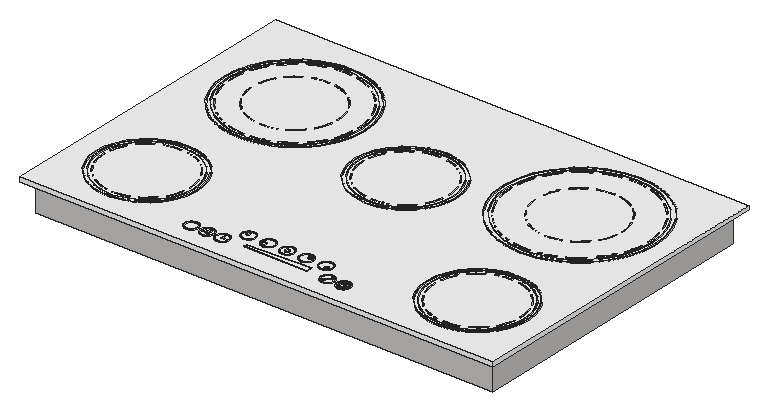
Revit family "QF_Summit_CR5B30T8W_5-Burner Radiant Cooktop", category Specialty Equipment, Revit 2020
Family settings
  Round Connector Dimension = Use Diameter
  Part Type = Normal
  Work Plane-Based = No
  Always vertical = Yes
  Cut with Voids When Loaded = No
  Shared = No
  Room Calculation Point = No
Parameters
  Weight in Pounds = 28
  Watts = Volts * FL Amps  # 7200 W
  Volts = 240 V
  URL Cutsheet = ""
  Specification by User = ""
  Specification by Manufacturer = ""
  Serial Number = ""
  Seismic Rating = ""
  SMACNA No = ""
  Revision Code = ""
  Phase = 1
  Number of Poles = 1
  NAFEM Spec ID Number = ""
  Model = "CR5B30T8W"
  Min Ckt Ampacity = 0 A
  Max Overcurrent Protection = 0 A
  Masterspec = ""
  Manufacturer = "Summit"
  Length = 30 1/4"
  Item Number = ""
  Installed By = ""
  Identify Quantity as Lot = yes
  Height = 2.13"
  HP = ""
  Furnished By = ""
  Foodservice Equipment Identifier = yes
  FL Amps = 30 A
  Electrical Remarks = ""
  Electric Connection Type = ""
  Elec Conn RI Height = 0"
  Elec Conn Connection Height = 0"
  Description = "5-Burner Radiant Cooktop"
  Depth = 20 1/2"
  Default Elevation = 0"
  Cycle = 60 Hz
  Conn Plug = ""
  Conn Conduit = yes
  CSI MasterFormat = ""
  Apparent Power = if(Phase = 3, Volts * FL Amps * 1.73, Volts * FL Amps)  # 7200 VA
Reference planes (in)
  plane 1 "BACK": y = 0
  plane 2: z = 0
  plane 3 "LEFT": x = 0
  plane 4 "RIGHT": x = 30.25
  plane 5 "FRONT": y = -20.5
  plane 6 "TOP": z = 2.13
  plane 7 "Center Y": x = 15.125
  plane 8 "Center X": y = -10.25
  plane 9: y = -19.875
  plane 10: y = -0.625
  plane 11: x = 0.5
  plane 12: x = 29.75
  plane 13: z = 1.88
  plane 14: z = -1
Forms (in)
  Extrusion 1, solid, material "QF_Plastic_White_Smooth"
    sketch origin (-1.19104, -180, 1.88) x (-1, 0, 0) y (0, -1, 0)
      loop
        line (-1.19104, -180) -> (-1.19104, -159.5) -> (-31.44104, -159.5) -> (-31.44104, -180) -> (-1.19104, -180)
      loop
        circle (-16.31604, -171.46642) r 3.25
      loop
        circle (-16.31604, -171.46642) r 3.1875
      loop
        circle (-16.31604, -171.46642) r 3.01918
      loop
        circle (-16.31604, -171.46642) r 2.98793
      loop
        arc (-13.92383, -172.87489) -> (-13.70916, -172.42069) -> (-13.57986, -171.93525) r 2.77605
        line (-13.57986, -171.93525) -> (-13.61066, -171.92997)
        arc (-13.61066, -171.92997) -> (-13.7385, -172.40995) -> (-13.95076, -172.85904) r 2.7448
        line (-13.95076, -172.85904) -> (-13.92383, -172.87489)
      loop
        line (-14.18017, -173.2397) -> (-14.20421, -173.21974)
        arc (-14.20421, -173.21974) -> (-14.5404, -173.55952) -> (-14.93044, -173.83582) r 2.7448
        line (-14.93044, -173.83582) -> (-14.91466, -173.86279)
        arc (-14.91466, -173.86279) -> (-14.52019, -173.58335) -> (-14.18017, -173.2397) r 2.77605
      loop
        line (-15.3571, -174.07159) -> (-15.36789, -174.04226)
        arc (-15.36789, -174.04226) -> (-15.84924, -174.17124) -> (-16.34598, -174.21106) r 2.7448
        line (-16.34598, -174.21106) -> (-16.34598, -174.24231)
        arc (-16.34598, -174.24231) -> (-15.84376, -174.202) -> (-15.3571, -174.07159) r 2.77605
      loop
        line (-16.81684, -174.19692) -> (-16.8112, -174.16619)
        arc (-16.8112, -174.16619) -> (-17.27375, -174.03872) -> (-17.70704, -173.83265) r 2.7448
        line (-17.70704, -173.83265) -> (-17.72288, -173.85959)
        arc (-17.72288, -173.85959) -> (-17.28466, -174.068) -> (-16.81684, -174.19692) r 2.77605
      loop
        arc (-18.06476, -173.58205) -> (-18.42277, -173.22586) -> (-18.70946, -172.8101) r 2.7448
        line (-18.70946, -172.8101) -> (-18.7367, -172.8254)
        arc (-18.7367, -172.8254) -> (-18.4477, -173.24475) -> (-18.08696, -173.60425) r 2.77605
        line (-18.08696, -173.60425) -> (-18.06476, -173.58205)
      loop
        arc (-18.90212, -172.38625) -> (-19.02257, -171.92317) -> (-19.06077, -171.4462) r 2.7448
        line (-19.06077, -171.4462) -> (-19.09202, -171.4462)
        arc (-19.09202, -171.4462) -> (-19.05336, -171.92848) -> (-18.93157, -172.39673) r 2.77605
        line (-18.93157, -172.39673) -> (-18.90212, -172.38625)
      loop
        arc (-19.02107, -171.00085) -> (-18.89451, -170.52544) -> (-18.68511, -170.08027) r 2.7448
        line (-18.68511, -170.08027) -> (-18.71209, -170.06449)
        arc (-18.71209, -170.06449) -> (-18.92386, -170.51473) -> (-19.05186, -170.99555) r 2.77605
        line (-19.05186, -170.99555) -> (-19.02107, -171.00085)
      loop
        arc (-18.4219, -169.70594) -> (-18.08419, -169.367) -> (-17.69276, -169.09185) r 2.7448
        line (-17.69276, -169.09185) -> (-17.70843, -169.06481)
        arc (-17.70843, -169.06481) -> (-18.10326, -169.3422) -> (-18.44408, -169.68376) r 2.77605
        line (-18.44408, -169.68376) -> (-18.4219, -169.70594)
      loop
        arc (-17.27056, -168.89293) -> (-16.8062, -168.76574) -> (-16.32675, -168.72164) r 2.7448
        line (-16.32675, -168.72164) -> (-16.32675, -168.69039)
        arc (-16.32675, -168.69039) -> (-16.81172, -168.73498) -> (-17.28143, -168.86363) r 2.77605
        line (-17.28143, -168.86363) -> (-17.27056, -168.89293)
      loop
        arc (-15.89724, -168.75375) -> (-15.38644, -168.88382) -> (-14.90992, -169.10913) r 2.7448
        line (-14.90992, -169.10913) -> (-14.89392, -169.0823)
        arc (-14.89392, -169.0823) -> (-15.37586, -168.85442) -> (-15.89247, -168.72287) r 2.77605
        line (-15.89247, -168.72287) -> (-15.89724, -168.75375)
      loop
        arc (-14.57297, -169.34612) -> (-14.21077, -169.70523) -> (-13.92126, -170.12516) r 2.7448
        line (-13.92126, -170.12516) -> (-13.89399, -170.10989)
        arc (-13.89399, -170.10989) -> (-14.18582, -169.68635) -> (-14.55077, -169.32392) r 2.77605
        line (-14.55077, -169.32392) -> (-14.57297, -169.34612)
      loop
        arc (-13.73845, -170.52304) -> (-13.61031, -171.00493) -> (-13.57147, -171.50206) r 2.7448
        line (-13.57147, -171.50206) -> (-13.54021, -171.50206)
        arc (-13.54021, -171.50206) -> (-13.57954, -170.99948) -> (-13.7091, -170.5123) r 2.77605
        line (-13.7091, -170.5123) -> (-13.73845, -170.52304)
      loop
        circle (-25.45747, -173.96615) r 4.875
      loop
        circle (-25.45747, -173.96615) r 4.8125
      loop
        circle (-25.45747, -173.96615) r 4.60317
      loop
        circle (-25.45747, -173.96615) r 4.57192
      loop
        arc (-28.81688, -171.11218) -> (-29.14171, -171.54598) -> (-29.41085, -172.01637) r 4.40804
        line (-29.41085, -172.01637) -> (-29.38282, -172.03019)
        arc (-29.38282, -172.03019) -> (-29.11629, -171.5642) -> (-28.79471, -171.13435) r 4.37679
        line (-28.79471, -171.13435) -> (-28.81688, -171.11218)
      loop
        arc (-27.6523, -170.14339) -> (-28.09195, -170.43198) -> (-28.49409, -170.77088) r 4.40804
        line (-28.49409, -170.77088) -> (-28.47199, -170.79298)
        arc (-28.47199, -170.79298) -> (-28.07295, -170.4568) -> (-27.63674, -170.17049) r 4.37679
        line (-27.63674, -170.17049) -> (-27.6523, -170.14339)
      loop
        line (-29.56464, -172.45371) -> (-29.59396, -172.44291)
        arc (-29.59396, -172.44291) -> (-29.74482, -172.94171) -> (-29.83576, -173.45482) r 4.40804
        line (-29.83576, -173.45482) -> (-29.80472, -173.45844)
        arc (-29.80472, -173.45844) -> (-29.71442, -172.94897) -> (-29.56464, -172.45371) r 4.37679
      loop
        line (-29.83424, -173.95077) -> (-29.86549, -173.95077)
        arc (-29.86549, -173.95077) -> (-29.83691, -174.46751) -> (-29.74796, -174.97735) r 4.40804
        line (-29.74796, -174.97735) -> (-29.71755, -174.97018)
        arc (-29.71755, -174.97018) -> (-29.80587, -174.46391) -> (-29.83424, -173.95077) r 4.37679
      loop
        line (-29.57863, -175.44005) -> (-29.60806, -175.45057)
        arc (-29.60806, -175.45057) -> (-29.39582, -175.94611) -> (-29.12469, -176.41203) r 4.40804
        line (-29.12469, -176.41203) -> (-29.09869, -176.39469)
        arc (-29.09869, -176.39469) -> (-29.3679, -175.93207) -> (-29.57863, -175.44005) r 4.37679
      loop
        line (-28.82706, -176.75939) -> (-28.85112, -176.77933)
        arc (-28.85112, -176.77933) -> (-28.47062, -177.18357) -> (-28.04233, -177.53678) r 4.40804
        line (-28.04233, -177.53678) -> (-28.01995, -177.5144)
        arc (-28.01995, -177.5144) -> (-28.44743, -177.16247) -> (-28.82706, -176.75939) r 4.37679
      loop
        line (-27.68418, -177.73419) -> (-27.70007, -177.76109)
        arc (-27.70007, -177.76109) -> (-27.21354, -178.0093) -> (-26.70004, -178.19544) r 4.40804
        line (-26.70004, -178.19544) -> (-26.69123, -178.16545)
        arc (-26.69123, -178.16545) -> (-27.20109, -177.98064) -> (-27.68418, -177.73419) r 4.37679
      loop
        line (-26.23933, -178.27254) -> (-26.24491, -178.30329)
        arc (-26.24491, -178.30329) -> (-25.71663, -178.36657) -> (-25.18458, -178.36574) r 4.40804
        line (-25.18458, -178.36574) -> (-25.18651, -178.33455)
        arc (-25.18651, -178.33455) -> (-25.71479, -178.33537) -> (-26.23933, -178.27254) r 4.37679
      loop
        line (-24.72271, -178.28083) -> (-24.71747, -178.31163)
        arc (-24.71747, -178.31163) -> (-24.19641, -178.18996) -> (-23.69394, -178.00605) r 4.40804
        line (-23.69394, -178.00605) -> (-23.70644, -177.97741)
        arc (-23.70644, -177.97741) -> (-24.20535, -178.16002) -> (-24.72271, -178.28083) r 4.37679
      loop
        line (-23.27181, -177.75814) -> (-23.25621, -177.78522)
        arc (-23.25621, -177.78522) -> (-22.82038, -177.49837) -> (-22.4215, -177.16204) r 4.40804
        line (-22.4215, -177.16204) -> (-22.4436, -177.13993)
        arc (-22.4436, -177.13993) -> (-22.8394, -177.47357) -> (-23.27181, -177.75814) r 4.37679
      loop
        line (-22.11511, -176.7919) -> (-22.09124, -176.81208)
        arc (-22.09124, -176.81208) -> (-21.77219, -176.38473) -> (-21.50708, -175.92198) r 4.40804
        line (-21.50708, -175.92198) -> (-21.53509, -175.90811)
        arc (-21.53509, -175.90811) -> (-21.79832, -176.36758) -> (-22.11511, -176.7919) r 4.37679
      loop
        line (-21.35948, -175.50329) -> (-21.33022, -175.51426)
        arc (-21.33022, -175.51426) -> (-21.17133, -174.9956) -> (-21.07734, -174.46136) r 4.40804
        line (-21.07734, -174.46136) -> (-21.10839, -174.45785)
        arc (-21.10839, -174.45785) -> (-21.20171, -174.98831) -> (-21.35948, -175.50329) r 4.37679
      loop
        line (-21.08078, -173.9948) -> (-21.04953, -173.9948)
        arc (-21.04953, -173.9948) -> (-21.08018, -173.44643) -> (-21.17878, -172.90614) r 4.40804
        line (-21.17878, -172.90614) -> (-21.20912, -172.91365)
        arc (-21.20912, -172.91365) -> (-21.1112, -173.45022) -> (-21.08078, -173.9948) r 4.37679
      loop
        line (-21.34009, -172.48176) -> (-21.31069, -172.47116)
        arc (-21.31069, -172.47116) -> (-21.5263, -171.97198) -> (-21.80173, -171.50315) r 4.40804
        line (-21.80173, -171.50315) -> (-21.82765, -171.52061)
        arc (-21.82765, -171.52061) -> (-21.55417, -171.98612) -> (-21.34009, -172.48176) r 4.37679
      loop
        line (-22.11024, -171.14617) -> (-22.08806, -171.12399)
        arc (-22.08806, -171.12399) -> (-22.46275, -170.73158) -> (-22.88281, -170.38817) r 4.40804
        line (-22.88281, -170.38817) -> (-22.90106, -170.41354)
        arc (-22.90106, -170.41354) -> (-22.48301, -170.75541) -> (-22.11024, -171.14617) r 4.37679
      loop
        arc (-23.27395, -170.13691) -> (-23.74908, -169.90263) -> (-24.24888, -169.72703) r 4.40804
        line (-24.24888, -169.72703) -> (-24.25745, -169.75709)
        arc (-24.25745, -169.75709) -> (-23.76119, -169.93144) -> (-23.28943, -170.16406) r 4.37679
        line (-23.28943, -170.16406) -> (-23.27395, -170.13691)
      loop
        arc (-24.69134, -169.6252) -> (-25.23215, -169.56387) -> (-25.77639, -169.56966) r 4.40804
        line (-25.77639, -169.56966) -> (-25.77639, -169.601)
        arc (-25.77639, -169.601) -> (-25.23488, -169.59503) -> (-24.69677, -169.65597) r 4.37679
        line (-24.69677, -169.65597) -> (-24.69134, -169.6252)
      loop
        arc (-26.22423, -169.62531) -> (-26.74106, -169.74914) -> (-27.23923, -169.93426) r 4.40804
        line (-27.23923, -169.93426) -> (-27.2266, -169.96284)
        arc (-27.2266, -169.96284) -> (-26.73196, -169.77903) -> (-26.2188, -169.65608) r 4.37679
        line (-26.2188, -169.65608) -> (-26.22423, -169.62531)
      loop
        circle (-12.95771, -160.98371) r 0.42869
      loop
        circle (-12.95771, -160.98371) r 0.39744
      loop
        line (-12.90642, -160.93163) -> (-13.28511, -160.9984) -> (-12.97595, -161.02545) -> (-12.94014, -161.31706) -> (-12.90642, -160.93163)
      loop
        arc (-24.09184, -176.35311) -> (-23.68495, -176.06869) -> (-23.33583, -175.71576) r 2.75
        line (-23.33583, -175.71576) -> (-23.35993, -175.69587)
        arc (-23.35993, -175.69587) -> (-23.70509, -176.0448) -> (-24.10736, -176.32598) r 2.71875
        line (-24.10736, -176.32598) -> (-24.09184, -176.35311)
      loop
        arc (-23.08872, -175.36311) -> (-22.88069, -174.92672) -> (-22.7523, -174.46065) r 2.75
        line (-22.7523, -174.46065) -> (-22.78304, -174.45503)
        arc (-22.78304, -174.45503) -> (-22.90997, -174.91581) -> (-23.11564, -175.34724) r 2.71875
        line (-23.11564, -175.34724) -> (-23.08872, -175.36311)
      loop
        line (-24.49628, -176.5427) -> (-24.5072, -176.51342)
        arc (-24.5072, -176.51342) -> (-25.00577, -176.64712) -> (-25.52061, -176.68417) r 2.71875
        line (-25.52061, -176.68417) -> (-25.52061, -176.71543)
        arc (-25.52061, -176.71543) -> (-25.00022, -176.67787) -> (-24.49628, -176.5427) r 2.75
      loop
        line (-25.90779, -176.67903) -> (-25.90267, -176.6482)
        arc (-25.90267, -176.6482) -> (-26.38524, -176.5217) -> (-26.83658, -176.30916) r 2.71875
        line (-26.83658, -176.30916) -> (-26.85243, -176.33609)
        arc (-26.85243, -176.33609) -> (-26.39591, -176.55108) -> (-25.90779, -176.67903) r 2.75
      loop
        line (-27.18309, -176.10736) -> (-27.16348, -176.08302)
        arc (-27.16348, -176.08302) -> (-27.53449, -175.72046) -> (-27.82988, -175.29404) r 2.71875
        line (-27.82988, -175.29404) -> (-27.85715, -175.3093)
        arc (-27.85715, -175.3093) -> (-27.55836, -175.74063) -> (-27.18309, -176.10736) r 2.75
      loop
        arc (-28.00116, -174.92599) -> (-28.1321, -174.45399) -> (-28.17622, -173.96615) r 2.71875
        line (-28.17622, -173.96615) -> (-28.20747, -173.96615)
        arc (-28.20747, -173.96615) -> (-28.16284, -174.45959) -> (-28.03039, -174.93702) r 2.75
        line (-28.03039, -174.93702) -> (-28.00116, -174.92599)
      loop
        arc (-28.13981, -173.52266) -> (-28.01487, -173.04348) -> (-27.80509, -172.59492) r 2.71875
        line (-27.80509, -172.59492) -> (-27.83208, -172.57916)
        arc (-27.83208, -172.57916) -> (-28.04427, -173.03288) -> (-28.17064, -173.51756) r 2.75
        line (-28.17064, -173.51756) -> (-28.13981, -173.52266)
      loop
        arc (-27.54371, -172.22282) -> (-27.20234, -171.8812) -> (-26.80591, -171.60537) r 2.71875
        line (-26.80591, -171.60537) -> (-26.82141, -171.57823)
        arc (-26.82141, -171.57823) -> (-27.22132, -171.85633) -> (-27.56589, -172.20063) r 2.75
        line (-27.56589, -172.20063) -> (-27.54371, -172.22282)
      loop
        arc (-26.38645, -171.41104) -> (-25.91966, -171.28698) -> (-25.43827, -171.24747) r 2.71875
        line (-25.43827, -171.24747) -> (-25.43827, -171.21622)
        arc (-25.43827, -171.21622) -> (-25.92508, -171.2562) -> (-26.39713, -171.38167) r 2.75
        line (-26.39713, -171.38167) -> (-26.38645, -171.41104)
      loop
        arc (-24.99023, -171.28785) -> (-24.51498, -171.41599) -> (-24.07063, -171.62772) r 2.71875
        line (-24.07063, -171.62772) -> (-24.05468, -171.60084)
        arc (-24.05468, -171.60084) -> (-24.50415, -171.38668) -> (-24.98486, -171.25707) r 2.75
        line (-24.98486, -171.25707) -> (-24.99023, -171.28785)
      loop
        line (-23.70105, -171.85015) -> (-23.72101, -171.87419)
        arc (-23.72101, -171.87419) -> (-23.36969, -172.22467) -> (-23.08793, -172.63316) r 2.71875
        line (-23.08793, -172.63316) -> (-23.06069, -172.61784)
        arc (-23.06069, -172.61784) -> (-23.34569, -172.20465) -> (-23.70105, -171.85015) r 2.75
      loop
        line (-22.86852, -173.03889) -> (-22.89794, -173.04942)
        arc (-22.89794, -173.04942) -> (-22.79464, -173.41759) -> (-22.74401, -173.79661) r 2.71875
        line (-22.74401, -173.79661) -> (-22.7127, -173.79661)
        arc (-22.7127, -173.79661) -> (-22.76384, -173.41224) -> (-22.86852, -173.03889) r 2.75
      loop
        circle (-7.20747, -173.96615) r 4.5
      loop
        circle (-7.20747, -173.96615) r 4.4375
      loop
        circle (-7.20747, -173.96615) r 4.25
      loop
        circle (-7.20747, -173.96615) r 4.21875
      loop
        arc (-3.22894, -174.77175) -> (-3.1577, -174.24377) -> (-3.15622, -173.711) r 4.05928
        line (-3.15622, -173.711) -> (-3.18753, -173.711)
        arc (-3.18753, -173.711) -> (-3.18881, -174.24065) -> (-3.25956, -174.76555) r 4.02803
        line (-3.25956, -174.76555) -> (-3.22894, -174.77175)
      loop
        line (-3.3439, -175.21137) -> (-3.37365, -175.20178)
        arc (-3.37365, -175.20178) -> (-3.56035, -175.67599) -> (-3.80545, -176.12282) r 4.02803
        line (-3.80545, -176.12282) -> (-3.77905, -176.13956)
        arc (-3.77905, -176.13956) -> (-3.53206, -175.68925) -> (-3.3439, -175.21137) r 4.05928
      loop
        line (-4.03683, -176.50087) -> (-4.06124, -176.48136)
        arc (-4.06124, -176.48136) -> (-4.4129, -176.86708) -> (-4.81148, -177.20409) r 4.02803
        line (-4.81148, -177.20409) -> (-4.79289, -177.22921)
        arc (-4.79289, -177.22921) -> (-4.39122, -176.88958) -> (-4.03683, -176.50087) r 4.05928
      loop
        line (-5.19289, -177.49024) -> (-5.2084, -177.46311)
        arc (-5.2084, -177.46311) -> (-5.65507, -177.68302) -> (-6.12546, -177.84614) r 4.02803
        line (-6.12546, -177.84614) -> (-6.11707, -177.87624)
        arc (-6.11707, -177.87624) -> (-5.64303, -177.71185) -> (-5.19289, -177.49024) r 4.05928
      loop
        line (-6.59285, -177.97863) -> (-6.59758, -177.94774)
        arc (-6.59758, -177.94774) -> (-7.12171, -177.99327) -> (-7.64731, -177.9701) r 4.02803
        line (-7.64731, -177.9701) -> (-7.65072, -178.00116)
        arc (-7.65072, -178.00116) -> (-7.12105, -178.02451) -> (-6.59285, -177.97863) r 4.05928
      loop
        line (-8.06649, -177.9335) -> (-8.05987, -177.90296)
        arc (-8.05987, -177.90296) -> (-8.56884, -177.75716) -> (-9.05428, -177.54586) r 4.02803
        line (-9.05428, -177.54586) -> (-9.06861, -177.57364)
        arc (-9.06861, -177.57364) -> (-8.5794, -177.78657) -> (-8.06649, -177.9335) r 4.05928
      loop
        line (-9.47439, -177.33347) -> (-9.45694, -177.30755)
        arc (-9.45694, -177.30755) -> (-9.84072, -177.01427) -> (-10.18664, -176.67716) r 4.02803
        line (-10.18664, -176.67716) -> (-10.20877, -176.69928)
        arc (-10.20877, -176.69928) -> (-9.86059, -177.0384) -> (-9.47439, -177.33347) r 4.05928
      loop
        line (-10.5059, -176.33219) -> (-10.4805, -176.31398)
        arc (-10.4805, -176.31398) -> (-10.75342, -175.87698) -> (-10.96833, -175.40871) r 4.02803
        line (-10.96833, -175.40871) -> (-10.99751, -175.4199)
        arc (-10.99751, -175.4199) -> (-10.78093, -175.8918) -> (-10.5059, -176.33219) r 4.05928
      loop
        line (-11.13969, -174.97384) -> (-11.10942, -174.96609)
        arc (-11.10942, -174.96609) -> (-11.20386, -174.47008) -> (-11.2355, -173.96615) r 4.02803
        line (-11.2355, -173.96615) -> (-11.26675, -173.96615)
        arc (-11.26675, -173.96615) -> (-11.23486, -174.47399) -> (-11.13969, -174.97384) r 4.05928
      loop
        line (-11.24152, -173.51425) -> (-11.21046, -173.51773)
        arc (-11.21046, -173.51773) -> (-11.11916, -173.00505) -> (-10.96248, -172.50844) r 4.02803
        line (-10.96248, -172.50844) -> (-10.99161, -172.49713)
        arc (-10.99161, -172.49713) -> (-11.14951, -172.9976) -> (-11.24152, -173.51425) r 4.05928
      loop
        line (-10.79094, -172.05919) -> (-10.76335, -172.07387)
        arc (-10.76335, -172.07387) -> (-10.49892, -171.64422) -> (-10.18286, -171.25099) r 4.02803
        line (-10.18286, -171.25099) -> (-10.20498, -171.22887)
        arc (-10.20498, -171.22887) -> (-10.52405, -171.62562) -> (-10.79094, -172.05919) r 4.05928
      loop
        line (-9.87166, -170.90349) -> (-9.84951, -170.92565)
        arc (-9.84951, -170.92565) -> (-9.44752, -170.61844) -> (-9.01019, -170.36404) r 4.02803
        line (-9.01019, -170.36404) -> (-9.02418, -170.33609)
        arc (-9.02418, -170.33609) -> (-9.46581, -170.59307) -> (-9.87166, -170.90349) r 4.05928
      loop
        line (-8.64114, -170.16847) -> (-8.6301, -170.19771)
        arc (-8.6301, -170.19771) -> (-8.11265, -170.04115) -> (-7.57889, -169.95528) r 4.02803
        line (-7.57889, -169.95528) -> (-7.58177, -169.92417)
        arc (-7.58177, -169.92417) -> (-8.11967, -170.0107) -> (-8.64114, -170.16847) r 4.05928
      loop
        line (-7.15903, -169.90716) -> (-7.15903, -169.93841)
        arc (-7.15903, -169.93841) -> (-6.6237, -169.98065) -> (-6.09876, -170.09372) r 4.02803
        line (-6.09876, -170.09372) -> (-6.09015, -170.06367)
        arc (-6.09015, -170.06367) -> (-6.61936, -169.9497) -> (-7.15903, -169.90716) r 4.05928
      loop
        line (-5.68859, -170.20175) -> (-5.70028, -170.23073)
        arc (-5.70028, -170.23073) -> (-5.22953, -170.4572) -> (-4.79205, -170.74268) r 4.02803
        line (-4.79205, -170.74268) -> (-4.77331, -170.71768)
        arc (-4.77331, -170.71768) -> (-5.21419, -170.42997) -> (-5.68859, -170.20175) r 4.05928
      loop
        line (-4.40704, -171.02756) -> (-4.42915, -171.04966)
        arc (-4.42915, -171.04966) -> (-4.07905, -171.42884) -> (-3.7803, -171.84967) r 4.02803
        line (-3.7803, -171.84967) -> (-3.75371, -171.83325)
        arc (-3.75371, -171.83325) -> (-4.05454, -171.40945) -> (-4.40704, -171.02756) r 4.05928
      loop
        line (-3.53334, -172.24032) -> (-3.56163, -172.25361)
        arc (-3.56163, -172.25361) -> (-3.37475, -172.72709) -> (-3.24909, -173.22036) r 4.02803
        line (-3.24909, -173.22036) -> (-3.21838, -173.21457)
        arc (-3.21838, -173.21457) -> (-3.34502, -172.71748) -> (-3.53334, -172.24032) r 4.05928
      loop
        arc (-5.84184, -176.35311) -> (-5.43495, -176.06869) -> (-5.08583, -175.71576) r 2.75
        line (-5.08583, -175.71576) -> (-5.10993, -175.69587)
        arc (-5.10993, -175.69587) -> (-5.45509, -176.0448) -> (-5.85736, -176.32598) r 2.71875
        line (-5.85736, -176.32598) -> (-5.84184, -176.35311)
      loop
        arc (-4.83872, -175.36311) -> (-4.63069, -174.92672) -> (-4.5023, -174.46065) r 2.75
        line (-4.5023, -174.46065) -> (-4.53304, -174.45503)
        arc (-4.53304, -174.45503) -> (-4.65997, -174.91581) -> (-4.86564, -175.34724) r 2.71875
        line (-4.86564, -175.34724) -> (-4.83872, -175.36311)
      loop
        line (-6.24628, -176.5427) -> (-6.2572, -176.51342)
        arc (-6.2572, -176.51342) -> (-6.75577, -176.64712) -> (-7.27061, -176.68417) r 2.71875
        line (-7.27061, -176.68417) -> (-7.27061, -176.71543)
        arc (-7.27061, -176.71543) -> (-6.75022, -176.67787) -> (-6.24628, -176.5427) r 2.75
      loop
        line (-7.65779, -176.67903) -> (-7.65267, -176.6482)
        arc (-7.65267, -176.6482) -> (-8.13524, -176.5217) -> (-8.58658, -176.30916) r 2.71875
        line (-8.58658, -176.30916) -> (-8.60243, -176.33609)
        arc (-8.60243, -176.33609) -> (-8.14591, -176.55108) -> (-7.65779, -176.67903) r 2.75
      loop
        line (-8.93309, -176.10736) -> (-8.91348, -176.08302)
        arc (-8.91348, -176.08302) -> (-9.28449, -175.72046) -> (-9.57988, -175.29404) r 2.71875
        line (-9.57988, -175.29404) -> (-9.60715, -175.3093)
        arc (-9.60715, -175.3093) -> (-9.30836, -175.74063) -> (-8.93309, -176.10736) r 2.75
      loop
        arc (-9.75116, -174.92599) -> (-9.8821, -174.45399) -> (-9.92622, -173.96615) r 2.71875
        line (-9.92622, -173.96615) -> (-9.95747, -173.96615)
        arc (-9.95747, -173.96615) -> (-9.91284, -174.45959) -> (-9.78039, -174.93702) r 2.75
        line (-9.78039, -174.93702) -> (-9.75116, -174.92599)
      loop
        arc (-9.88981, -173.52266) -> (-9.76487, -173.04348) -> (-9.55509, -172.59492) r 2.71875
        line (-9.55509, -172.59492) -> (-9.58208, -172.57916)
        arc (-9.58208, -172.57916) -> (-9.79427, -173.03288) -> (-9.92064, -173.51756) r 2.75
        line (-9.92064, -173.51756) -> (-9.88981, -173.52266)
      loop
        arc (-9.29371, -172.22282) -> (-8.95234, -171.8812) -> (-8.55591, -171.60537) r 2.71875
        line (-8.55591, -171.60537) -> (-8.57141, -171.57823)
        arc (-8.57141, -171.57823) -> (-8.97132, -171.85633) -> (-9.31589, -172.20063) r 2.75
        line (-9.31589, -172.20063) -> (-9.29371, -172.22282)
      loop
        arc (-8.13645, -171.41104) -> (-7.66966, -171.28698) -> (-7.18827, -171.24747) r 2.71875
        line (-7.18827, -171.24747) -> (-7.18827, -171.21622)
        arc (-7.18827, -171.21622) -> (-7.67508, -171.2562) -> (-8.14713, -171.38167) r 2.75
        line (-8.14713, -171.38167) -> (-8.13645, -171.41104)
      loop
        arc (-6.74023, -171.28785) -> (-6.26498, -171.41599) -> (-5.82063, -171.62772) r 2.71875
        line (-5.82063, -171.62772) -> (-5.80468, -171.60084)
        arc (-5.80468, -171.60084) -> (-6.25415, -171.38668) -> (-6.73486, -171.25707) r 2.75
        line (-6.73486, -171.25707) -> (-6.74023, -171.28785)
      loop
        line (-5.45105, -171.85015) -> (-5.47101, -171.87419)
        arc (-5.47101, -171.87419) -> (-5.11969, -172.22467) -> (-4.83793, -172.63316) r 2.71875
        line (-4.83793, -172.63316) -> (-4.81069, -172.61784)
        arc (-4.81069, -172.61784) -> (-5.09569, -172.20465) -> (-5.45105, -171.85015) r 2.75
      loop
        line (-4.61852, -173.03889) -> (-4.64794, -173.04942)
        arc (-4.64794, -173.04942) -> (-4.54464, -173.41759) -> (-4.49401, -173.79661) r 2.71875
        line (-4.49401, -173.79661) -> (-4.4627, -173.79661)
        arc (-4.4627, -173.79661) -> (-4.51384, -173.41224) -> (-4.61852, -173.03889) r 2.75
      loop
        circle (-5.71825, -163.96941) r 3.25
      loop
        circle (-5.71825, -163.96941) r 3.1875
      loop
        circle (-5.71825, -163.96941) r 3.01918
      loop
        circle (-5.71825, -163.96941) r 2.98793
      loop
        arc (-3.32604, -165.37788) -> (-3.11137, -164.92369) -> (-2.98207, -164.43824) r 2.77605
        line (-2.98207, -164.43824) -> (-3.01287, -164.43296)
        arc (-3.01287, -164.43296) -> (-3.14072, -164.91294) -> (-3.35297, -165.36203) r 2.7448
        line (-3.35297, -165.36203) -> (-3.32604, -165.37788)
      loop
        line (-3.58238, -165.74269) -> (-3.60643, -165.72273)
        arc (-3.60643, -165.72273) -> (-3.94262, -166.06251) -> (-4.33265, -166.33881) r 2.7448
        line (-4.33265, -166.33881) -> (-4.31687, -166.36578)
        arc (-4.31687, -166.36578) -> (-3.9224, -166.08634) -> (-3.58238, -165.74269) r 2.77605
      loop
        line (-4.75931, -166.57458) -> (-4.77011, -166.54525)
        arc (-4.77011, -166.54525) -> (-5.25146, -166.67423) -> (-5.74819, -166.71405) r 2.7448
        line (-5.74819, -166.71405) -> (-5.74819, -166.7453)
        arc (-5.74819, -166.7453) -> (-5.24597, -166.70499) -> (-4.75931, -166.57458) r 2.77605
      loop
        line (-6.21905, -166.69992) -> (-6.21341, -166.66918)
        arc (-6.21341, -166.66918) -> (-6.67597, -166.54171) -> (-7.10926, -166.33564) r 2.7448
        line (-7.10926, -166.33564) -> (-7.1251, -166.36258)
        arc (-7.1251, -166.36258) -> (-6.68687, -166.57099) -> (-6.21905, -166.69992) r 2.77605
      loop
        arc (-7.46698, -166.08504) -> (-7.82498, -165.72885) -> (-8.11167, -165.31309) r 2.7448
        line (-8.11167, -165.31309) -> (-8.13892, -165.32839)
        arc (-8.13892, -165.32839) -> (-7.84992, -165.74774) -> (-7.48917, -166.10724) r 2.77605
        line (-7.48917, -166.10724) -> (-7.46698, -166.08504)
      loop
        arc (-8.30434, -164.88925) -> (-8.42478, -164.42616) -> (-8.46298, -163.9492) r 2.7448
        line (-8.46298, -163.9492) -> (-8.49423, -163.9492)
        arc (-8.49423, -163.9492) -> (-8.45558, -164.43148) -> (-8.33378, -164.89972) r 2.77605
        line (-8.33378, -164.89972) -> (-8.30434, -164.88925)
      loop
        arc (-8.42328, -163.50384) -> (-8.29672, -163.02843) -> (-8.08733, -162.58326) r 2.7448
        line (-8.08733, -162.58326) -> (-8.1143, -162.56748)
        arc (-8.1143, -162.56748) -> (-8.32608, -163.01772) -> (-8.45408, -163.49854) r 2.77605
        line (-8.45408, -163.49854) -> (-8.42328, -163.50384)
      loop
        arc (-7.82411, -162.20893) -> (-7.48641, -161.86999) -> (-7.09497, -161.59484) r 2.7448
        line (-7.09497, -161.59484) -> (-7.11065, -161.56781)
        arc (-7.11065, -161.56781) -> (-7.50547, -161.84519) -> (-7.8463, -162.18675) r 2.77605
        line (-7.8463, -162.18675) -> (-7.82411, -162.20893)
      loop
        arc (-6.67278, -161.39592) -> (-6.20841, -161.26873) -> (-5.72896, -161.22463) r 2.7448
        line (-5.72896, -161.22463) -> (-5.72896, -161.19338)
        arc (-5.72896, -161.19338) -> (-6.21393, -161.23797) -> (-6.68364, -161.36663) r 2.77605
        line (-6.68364, -161.36663) -> (-6.67278, -161.39592)
      loop
        arc (-5.29946, -161.25674) -> (-4.78866, -161.38681) -> (-4.31214, -161.61212) r 2.7448
        line (-4.31214, -161.61212) -> (-4.29613, -161.58529)
        arc (-4.29613, -161.58529) -> (-4.77807, -161.35741) -> (-5.29469, -161.22586) r 2.77605
        line (-5.29469, -161.22586) -> (-5.29946, -161.25674)
      loop
        arc (-3.97518, -161.84911) -> (-3.61298, -162.20822) -> (-3.32347, -162.62815) r 2.7448
        line (-3.32347, -162.62815) -> (-3.29621, -162.61288)
        arc (-3.29621, -162.61288) -> (-3.58803, -162.18934) -> (-3.95298, -161.82691) r 2.77605
        line (-3.95298, -161.82691) -> (-3.97518, -161.84911)
      loop
        arc (-3.14066, -163.02603) -> (-3.01252, -163.50792) -> (-2.97368, -164.00505) r 2.7448
        line (-2.97368, -164.00505) -> (-2.94243, -164.00505)
        arc (-2.94243, -164.00505) -> (-2.98175, -163.50247) -> (-3.11131, -163.01529) r 2.77605
        line (-3.11131, -163.01529) -> (-3.14066, -163.02603)
      loop
        circle (-13.83221, -161.9833) r 0.42869
      loop
        circle (-13.83221, -161.9833) r 0.39744
      loop
        circle (-13.67116, -162.14539) r 0.13534
      loop
        circle (-15.09654, -161.9833) r 0.42869
      loop
        circle (-15.09654, -161.9833) r 0.39744
      loop
        circle (-14.93549, -161.82122) r 0.13534
      loop
        circle (-16.31604, -161.9833) r 0.42869
      loop
        circle (-16.31604, -161.9833) r 0.39744
      loop
        circle (-16.31604, -161.9833) r 0.13534
      loop
        circle (-18.79986, -161.9833) r 0.42869
      loop
        circle (-18.79986, -161.9833) r 0.39744
      loop
        circle (-17.53553, -161.9833) r 0.42869
      loop
        circle (-17.53553, -161.9833) r 0.39744
      loop
        circle (-17.69659, -162.14539) r 0.13534
      loop
        circle (-18.96092, -161.82122) r 0.13534
      loop
        circle (-19.69862, -160.98371) r 0.42869
      loop
        circle (-19.69862, -160.98371) r 0.39744
      loop
        arc (-19.86411, -161.10638) -> (-19.93915, -161.22545) -> (-19.82008, -161.15041) r 0.07216
        line (-19.82008, -161.15041) -> (-19.45826, -160.78859) -> (-19.50229, -160.74456) -> (-19.86411, -161.10638)
      loop
        circle (-20.72179, -160.98371) r 0.42869
      loop
        circle (-20.72179, -160.98371) r 0.36619
      loop
        arc (-20.67614, -161.2295) -> (-20.72179, -160.73371) -> (-20.76744, -161.2295) r 0.25
        line (-20.76744, -161.2295) -> (-20.76744, -161.31685) -> (-20.67614, -161.31685) -> (-20.67614, -161.2295)
      loop
        arc (-20.67614, -161.16556) -> (-20.72179, -160.79621) -> (-20.76744, -161.16556) r 0.1875
        line (-20.76744, -161.16556) -> (-20.76744, -161.03933) -> (-20.67614, -161.03933) -> (-20.67614, -161.16556)
      loop
        circle (-11.96353, -160.98371) r 0.42869
      loop
        circle (-11.96353, -160.98371) r 0.39744
      loop
        line (-12.00568, -161.18585) -> (-12.00568, -160.81214) -> (-12.13429, -160.81214) -> (-12.13429, -161.18585) -> (-12.00568, -161.18585)
      loop
        line (-11.97955, -160.99899) -> (-11.72936, -161.13767) -> (-11.72936, -160.86031) -> (-11.97955, -160.99899)
      loop
        circle (-10.96353, -160.98371) r 0.42869
      loop
        circle (-10.96353, -160.98371) r 0.36619
      loop
        line (-14.32904, -161.18247) -> (-14.32904, -160.96725) -> (-18.35973, -160.96725) -> (-18.35973, -161.38465) -> (-14.32904, -161.18247)
      loop
        circle (-26.91382, -163.96941) r 3.25
      loop
        circle (-26.91382, -163.96941) r 3.1875
      loop
        circle (-26.91382, -163.96941) r 3.01918
      loop
        circle (-26.91382, -163.96941) r 2.98793
      loop
        arc (-24.52161, -165.37788) -> (-24.30694, -164.92369) -> (-24.17765, -164.43824) r 2.77605
        line (-24.17765, -164.43824) -> (-24.20845, -164.43296)
        arc (-24.20845, -164.43296) -> (-24.33629, -164.91294) -> (-24.54854, -165.36203) r 2.7448
        line (-24.54854, -165.36203) -> (-24.52161, -165.37788)
      loop
        line (-24.77796, -165.74269) -> (-24.802, -165.72273)
        arc (-24.802, -165.72273) -> (-25.13819, -166.06251) -> (-25.52822, -166.33881) r 2.7448
        line (-25.52822, -166.33881) -> (-25.51245, -166.36578)
        arc (-25.51245, -166.36578) -> (-25.11797, -166.08634) -> (-24.77796, -165.74269) r 2.77605
      loop
        line (-25.95488, -166.57458) -> (-25.96568, -166.54525)
        arc (-25.96568, -166.54525) -> (-26.44703, -166.67423) -> (-26.94377, -166.71405) r 2.7448
        line (-26.94377, -166.71405) -> (-26.94377, -166.7453)
        arc (-26.94377, -166.7453) -> (-26.44155, -166.70499) -> (-25.95488, -166.57458) r 2.77605
      loop
        line (-27.41462, -166.69992) -> (-27.40899, -166.66918)
        arc (-27.40899, -166.66918) -> (-27.87154, -166.54171) -> (-28.30483, -166.33564) r 2.7448
        line (-28.30483, -166.33564) -> (-28.32067, -166.36258)
        arc (-28.32067, -166.36258) -> (-27.88244, -166.57099) -> (-27.41462, -166.69992) r 2.77605
      loop
        arc (-28.66255, -166.08504) -> (-29.02055, -165.72885) -> (-29.30724, -165.31309) r 2.7448
        line (-29.30724, -165.31309) -> (-29.33449, -165.32839)
        arc (-29.33449, -165.32839) -> (-29.04549, -165.74774) -> (-28.68474, -166.10724) r 2.77605
        line (-28.68474, -166.10724) -> (-28.66255, -166.08504)
      loop
        arc (-29.49991, -164.88925) -> (-29.62036, -164.42616) -> (-29.65855, -163.9492) r 2.7448
        line (-29.65855, -163.9492) -> (-29.6898, -163.9492)
        arc (-29.6898, -163.9492) -> (-29.65115, -164.43148) -> (-29.52935, -164.89972) r 2.77605
        line (-29.52935, -164.89972) -> (-29.49991, -164.88925)
      loop
        arc (-29.61885, -163.50384) -> (-29.49229, -163.02843) -> (-29.2829, -162.58326) r 2.7448
        line (-29.2829, -162.58326) -> (-29.30987, -162.56748)
        arc (-29.30987, -162.56748) -> (-29.52165, -163.01772) -> (-29.64965, -163.49854) r 2.77605
        line (-29.64965, -163.49854) -> (-29.61885, -163.50384)
      loop
        arc (-29.01969, -162.20893) -> (-28.68198, -161.86999) -> (-28.29055, -161.59484) r 2.7448
        line (-28.29055, -161.59484) -> (-28.30622, -161.56781)
        arc (-28.30622, -161.56781) -> (-28.70104, -161.84519) -> (-29.04187, -162.18675) r 2.77605
        line (-29.04187, -162.18675) -> (-29.01969, -162.20893)
      loop
        arc (-27.86835, -161.39592) -> (-27.40398, -161.26873) -> (-26.92453, -161.22463) r 2.7448
        line (-26.92453, -161.22463) -> (-26.92453, -161.19338)
        arc (-26.92453, -161.19338) -> (-27.4095, -161.23797) -> (-27.87922, -161.36663) r 2.77605
        line (-27.87922, -161.36663) -> (-27.86835, -161.39592)
      loop
        arc (-26.49503, -161.25674) -> (-25.98423, -161.38681) -> (-25.50771, -161.61212) r 2.7448
        line (-25.50771, -161.61212) -> (-25.4917, -161.58529)
        arc (-25.4917, -161.58529) -> (-25.97365, -161.35741) -> (-26.49026, -161.22586) r 2.77605
        line (-26.49026, -161.22586) -> (-26.49503, -161.25674)
      loop
        arc (-25.17076, -161.84911) -> (-24.80855, -162.20822) -> (-24.51904, -162.62815) r 2.7448
        line (-24.51904, -162.62815) -> (-24.49178, -162.61288)
        arc (-24.49178, -162.61288) -> (-24.7836, -162.18934) -> (-25.14856, -161.82691) r 2.77605
        line (-25.14856, -161.82691) -> (-25.17076, -161.84911)
      loop
        arc (-24.33623, -163.02603) -> (-24.20809, -163.50792) -> (-24.16925, -164.00505) r 2.7448
        line (-24.16925, -164.00505) -> (-24.138, -164.00505)
        arc (-24.138, -164.00505) -> (-24.17732, -163.50247) -> (-24.30689, -163.01529) r 2.77605
        line (-24.30689, -163.01529) -> (-24.33623, -163.02603)
    from 0 to 0.25
  Extrusion 2, solid, material "QF_Plastic_White_Smooth"
    sketch origin (-1.19104, -180, 1.88) x (-1, 0, 0) y (0, -1, 0)
      loop
        circle (-7.20747, -173.96615) r 4.5
      loop
        circle (-7.20747, -173.96615) r 4.4375
      loop
        circle (-7.20747, -173.96615) r 4.25
      loop
        circle (-7.20747, -173.96615) r 4.21875
      loop
        line (-3.15622, -173.711) -> (-3.18753, -173.711)
        arc (-3.18753, -173.711) -> (-3.18881, -174.24065) -> (-3.25956, -174.76555) r 4.02803
        line (-3.25956, -174.76555) -> (-3.22894, -174.77175)
        arc (-3.22894, -174.77175) -> (-3.1577, -174.24377) -> (-3.15622, -173.711) r 4.05928
      loop
        line (-3.3439, -175.21137) -> (-3.37365, -175.20178)
        arc (-3.37365, -175.20178) -> (-3.56035, -175.67599) -> (-3.80545, -176.12282) r 4.02803
        line (-3.80545, -176.12282) -> (-3.77905, -176.13956)
        arc (-3.77905, -176.13956) -> (-3.53206, -175.68925) -> (-3.3439, -175.21137) r 4.05928
      loop
        line (-4.03683, -176.50087) -> (-4.06124, -176.48136)
        arc (-4.06124, -176.48136) -> (-4.4129, -176.86708) -> (-4.81148, -177.20409) r 4.02803
        line (-4.81148, -177.20409) -> (-4.79289, -177.22921)
        arc (-4.79289, -177.22921) -> (-4.39122, -176.88958) -> (-4.03683, -176.50087) r 4.05928
      loop
        line (-5.19289, -177.49024) -> (-5.2084, -177.46311)
        arc (-5.2084, -177.46311) -> (-5.65507, -177.68302) -> (-6.12546, -177.84614) r 4.02803
        line (-6.12546, -177.84614) -> (-6.11707, -177.87624)
        arc (-6.11707, -177.87624) -> (-5.64303, -177.71185) -> (-5.19289, -177.49024) r 4.05928
      loop
        line (-6.59285, -177.97863) -> (-6.59758, -177.94774)
        arc (-6.59758, -177.94774) -> (-7.12171, -177.99327) -> (-7.64731, -177.9701) r 4.02803
        line (-7.64731, -177.9701) -> (-7.65072, -178.00116)
        arc (-7.65072, -178.00116) -> (-7.12105, -178.02451) -> (-6.59285, -177.97863) r 4.05928
      loop
        line (-8.06649, -177.9335) -> (-8.05987, -177.90296)
        arc (-8.05987, -177.90296) -> (-8.56884, -177.75716) -> (-9.05428, -177.54586) r 4.02803
        line (-9.05428, -177.54586) -> (-9.06861, -177.57364)
        arc (-9.06861, -177.57364) -> (-8.5794, -177.78657) -> (-8.06649, -177.9335) r 4.05928
      loop
        line (-10.18664, -176.67716) -> (-10.20877, -176.69928)
        arc (-10.20877, -176.69928) -> (-9.86059, -177.0384) -> (-9.47439, -177.33347) r 4.05928
        line (-9.47439, -177.33347) -> (-9.45694, -177.30755)
        arc (-9.45694, -177.30755) -> (-9.84072, -177.01427) -> (-10.18664, -176.67716) r 4.02803
      loop
        line (-10.96833, -175.40871) -> (-10.99751, -175.4199)
        arc (-10.99751, -175.4199) -> (-10.78093, -175.8918) -> (-10.5059, -176.33219) r 4.05928
        line (-10.5059, -176.33219) -> (-10.4805, -176.31398)
        arc (-10.4805, -176.31398) -> (-10.75342, -175.87698) -> (-10.96833, -175.40871) r 4.02803
      loop
        line (-11.13969, -174.97384) -> (-11.10942, -174.96609)
        arc (-11.10942, -174.96609) -> (-11.20386, -174.47008) -> (-11.2355, -173.96615) r 4.02803
        line (-11.2355, -173.96615) -> (-11.26675, -173.96615)
        arc (-11.26675, -173.96615) -> (-11.23486, -174.47399) -> (-11.13969, -174.97384) r 4.05928
      loop
        line (-11.24152, -173.51425) -> (-11.21046, -173.51773)
        arc (-11.21046, -173.51773) -> (-11.11916, -173.00505) -> (-10.96248, -172.50844) r 4.02803
        line (-10.96248, -172.50844) -> (-10.99161, -172.49713)
        arc (-10.99161, -172.49713) -> (-11.14951, -172.9976) -> (-11.24152, -173.51425) r 4.05928
      loop
        line (-10.79094, -172.05919) -> (-10.76335, -172.07387)
        arc (-10.76335, -172.07387) -> (-10.49892, -171.64422) -> (-10.18286, -171.25099) r 4.02803
        line (-10.18286, -171.25099) -> (-10.20498, -171.22887)
        arc (-10.20498, -171.22887) -> (-10.52405, -171.62562) -> (-10.79094, -172.05919) r 4.05928
      loop
        line (-9.87166, -170.90349) -> (-9.84951, -170.92565)
        arc (-9.84951, -170.92565) -> (-9.44752, -170.61844) -> (-9.01019, -170.36404) r 4.02803
        line (-9.01019, -170.36404) -> (-9.02418, -170.33609)
        arc (-9.02418, -170.33609) -> (-9.46581, -170.59307) -> (-9.87166, -170.90349) r 4.05928
      loop
        line (-8.64114, -170.16847) -> (-8.6301, -170.19771)
        arc (-8.6301, -170.19771) -> (-8.11265, -170.04115) -> (-7.57889, -169.95528) r 4.02803
        line (-7.57889, -169.95528) -> (-7.58177, -169.92417)
        arc (-7.58177, -169.92417) -> (-8.11967, -170.0107) -> (-8.64114, -170.16847) r 4.05928
      loop
        line (-7.15903, -169.90716) -> (-7.15903, -169.93841)
        arc (-7.15903, -169.93841) -> (-6.6237, -169.98065) -> (-6.09876, -170.09372) r 4.02803
        line (-6.09876, -170.09372) -> (-6.09015, -170.06367)
        arc (-6.09015, -170.06367) -> (-6.61936, -169.9497) -> (-7.15903, -169.90716) r 4.05928
      loop
        line (-5.68859, -170.20175) -> (-5.70028, -170.23073)
        arc (-5.70028, -170.23073) -> (-5.22953, -170.4572) -> (-4.79205, -170.74268) r 4.02803
        line (-4.79205, -170.74268) -> (-4.77331, -170.71768)
        arc (-4.77331, -170.71768) -> (-5.21419, -170.42997) -> (-5.68859, -170.20175) r 4.05928
      loop
        line (-4.40704, -171.02756) -> (-4.42915, -171.04966)
        arc (-4.42915, -171.04966) -> (-4.07905, -171.42884) -> (-3.7803, -171.84967) r 4.02803
        line (-3.7803, -171.84967) -> (-3.75371, -171.83325)
        arc (-3.75371, -171.83325) -> (-4.05454, -171.40945) -> (-4.40704, -171.02756) r 4.05928
      loop
        line (-3.53334, -172.24032) -> (-3.56163, -172.25361)
        arc (-3.56163, -172.25361) -> (-3.37475, -172.72709) -> (-3.24909, -173.22036) r 4.02803
        line (-3.24909, -173.22036) -> (-3.21838, -173.21457)
        arc (-3.21838, -173.21457) -> (-3.34502, -172.71748) -> (-3.53334, -172.24032) r 4.05928
      loop
        line (-4.86564, -175.34724) -> (-4.83872, -175.36311)
        arc (-4.83872, -175.36311) -> (-4.63069, -174.92672) -> (-4.5023, -174.46065) r 2.75
        line (-4.5023, -174.46065) -> (-4.53304, -174.45503)
        arc (-4.53304, -174.45503) -> (-4.65997, -174.91581) -> (-4.86564, -175.34724) r 2.71875
      loop
        line (-5.85736, -176.32598) -> (-5.84184, -176.35311)
        arc (-5.84184, -176.35311) -> (-5.43495, -176.06869) -> (-5.08583, -175.71576) r 2.75
        line (-5.08583, -175.71576) -> (-5.10993, -175.69587)
        arc (-5.10993, -175.69587) -> (-5.45509, -176.0448) -> (-5.85736, -176.32598) r 2.71875
      loop
        line (-7.27061, -176.68417) -> (-7.27061, -176.71543)
        arc (-7.27061, -176.71543) -> (-6.75022, -176.67787) -> (-6.24628, -176.5427) r 2.75
        line (-6.24628, -176.5427) -> (-6.2572, -176.51342)
        arc (-6.2572, -176.51342) -> (-6.75577, -176.64712) -> (-7.27061, -176.68417) r 2.71875
      loop
        line (-8.58658, -176.30916) -> (-8.60243, -176.33609)
        arc (-8.60243, -176.33609) -> (-8.14591, -176.55108) -> (-7.65779, -176.67903) r 2.75
        line (-7.65779, -176.67903) -> (-7.65267, -176.6482)
        arc (-7.65267, -176.6482) -> (-8.13524, -176.5217) -> (-8.58658, -176.30916) r 2.71875
      loop
        line (-9.57988, -175.29404) -> (-9.60715, -175.3093)
        arc (-9.60715, -175.3093) -> (-9.30836, -175.74063) -> (-8.93309, -176.10736) r 2.75
        line (-8.93309, -176.10736) -> (-8.91348, -176.08302)
        arc (-8.91348, -176.08302) -> (-9.28449, -175.72046) -> (-9.57988, -175.29404) r 2.71875
      loop
        line (-9.92622, -173.96615) -> (-9.95747, -173.96615)
        arc (-9.95747, -173.96615) -> (-9.91284, -174.45959) -> (-9.78039, -174.93702) r 2.75
        line (-9.78039, -174.93702) -> (-9.75116, -174.92599)
        arc (-9.75116, -174.92599) -> (-9.8821, -174.45399) -> (-9.92622, -173.96615) r 2.71875
      loop
        line (-9.92064, -173.51756) -> (-9.88981, -173.52266)
        arc (-9.88981, -173.52266) -> (-9.76487, -173.04348) -> (-9.55509, -172.59492) r 2.71875
        line (-9.55509, -172.59492) -> (-9.58208, -172.57916)
        arc (-9.58208, -172.57916) -> (-9.79427, -173.03288) -> (-9.92064, -173.51756) r 2.75
      loop
        line (-9.31589, -172.20063) -> (-9.29371, -172.22282)
        arc (-9.29371, -172.22282) -> (-8.95234, -171.8812) -> (-8.55591, -171.60537) r 2.71875
        line (-8.55591, -171.60537) -> (-8.57141, -171.57823)
        arc (-8.57141, -171.57823) -> (-8.97132, -171.85633) -> (-9.31589, -172.20063) r 2.75
      loop
        line (-8.14713, -171.38167) -> (-8.13645, -171.41104)
        arc (-8.13645, -171.41104) -> (-7.66966, -171.28698) -> (-7.18827, -171.24747) r 2.71875
        line (-7.18827, -171.24747) -> (-7.18827, -171.21622)
        arc (-7.18827, -171.21622) -> (-7.67508, -171.2562) -> (-8.14713, -171.38167) r 2.75
      loop
        line (-6.73486, -171.25707) -> (-6.74023, -171.28785)
        arc (-6.74023, -171.28785) -> (-6.26498, -171.41599) -> (-5.82063, -171.62772) r 2.71875
        line (-5.82063, -171.62772) -> (-5.80468, -171.60084)
        arc (-5.80468, -171.60084) -> (-6.25415, -171.38668) -> (-6.73486, -171.25707) r 2.75
      loop
        line (-5.45105, -171.85015) -> (-5.47101, -171.87419)
        arc (-5.47101, -171.87419) -> (-5.11969, -172.22467) -> (-4.83793, -172.63316) r 2.71875
        line (-4.83793, -172.63316) -> (-4.81069, -172.61784)
        arc (-4.81069, -172.61784) -> (-5.09569, -172.20465) -> (-5.45105, -171.85015) r 2.75
      loop
        line (-4.61852, -173.03889) -> (-4.64794, -173.04942)
        arc (-4.64794, -173.04942) -> (-4.54464, -173.41759) -> (-4.49401, -173.79661) r 2.71875
        line (-4.49401, -173.79661) -> (-4.4627, -173.79661)
        arc (-4.4627, -173.79661) -> (-4.51384, -173.41224) -> (-4.61852, -173.03889) r 2.75
      loop
        circle (-5.71825, -163.96941) r 3.25
      loop
        circle (-5.71825, -163.96941) r 3.1875
      loop
        circle (-5.71825, -163.96941) r 3.01918
      loop
        circle (-5.71825, -163.96941) r 2.98793
      loop
        line (-2.98207, -164.43824) -> (-3.01287, -164.43296)
        arc (-3.01287, -164.43296) -> (-3.14072, -164.91294) -> (-3.35297, -165.36203) r 2.7448
        line (-3.35297, -165.36203) -> (-3.32604, -165.37788)
        arc (-3.32604, -165.37788) -> (-3.11137, -164.92369) -> (-2.98207, -164.43824) r 2.77605
      loop
        line (-3.11131, -163.01529) -> (-3.14066, -163.02603)
        arc (-3.14066, -163.02603) -> (-3.01252, -163.50792) -> (-2.97368, -164.00505) r 2.7448
        line (-2.97368, -164.00505) -> (-2.94243, -164.00505)
        arc (-2.94243, -164.00505) -> (-2.98175, -163.50247) -> (-3.11131, -163.01529) r 2.77605
      loop
        line (-3.95298, -161.82691) -> (-3.97518, -161.84911)
        arc (-3.97518, -161.84911) -> (-3.61298, -162.20822) -> (-3.32347, -162.62815) r 2.7448
        line (-3.32347, -162.62815) -> (-3.29621, -162.61288)
        arc (-3.29621, -162.61288) -> (-3.58803, -162.18934) -> (-3.95298, -161.82691) r 2.77605
      loop
        line (-5.29469, -161.22586) -> (-5.29946, -161.25674)
        arc (-5.29946, -161.25674) -> (-4.78866, -161.38681) -> (-4.31214, -161.61212) r 2.7448
        line (-4.31214, -161.61212) -> (-4.29613, -161.58529)
        arc (-4.29613, -161.58529) -> (-4.77807, -161.35741) -> (-5.29469, -161.22586) r 2.77605
      loop
        line (-6.68364, -161.36663) -> (-6.67278, -161.39592)
        arc (-6.67278, -161.39592) -> (-6.20841, -161.26873) -> (-5.72896, -161.22463) r 2.7448
        line (-5.72896, -161.22463) -> (-5.72896, -161.19338)
        arc (-5.72896, -161.19338) -> (-6.21393, -161.23797) -> (-6.68364, -161.36663) r 2.77605
      loop
        line (-7.8463, -162.18675) -> (-7.82411, -162.20893)
        arc (-7.82411, -162.20893) -> (-7.48641, -161.86999) -> (-7.09497, -161.59484) r 2.7448
        line (-7.09497, -161.59484) -> (-7.11065, -161.56781)
        arc (-7.11065, -161.56781) -> (-7.50547, -161.84519) -> (-7.8463, -162.18675) r 2.77605
      loop
        line (-8.45408, -163.49854) -> (-8.42328, -163.50384)
        arc (-8.42328, -163.50384) -> (-8.29672, -163.02843) -> (-8.08733, -162.58326) r 2.7448
        line (-8.08733, -162.58326) -> (-8.1143, -162.56748)
        arc (-8.1143, -162.56748) -> (-8.32608, -163.01772) -> (-8.45408, -163.49854) r 2.77605
      loop
        line (-8.33378, -164.89972) -> (-8.30434, -164.88925)
        arc (-8.30434, -164.88925) -> (-8.42478, -164.42616) -> (-8.46298, -163.9492) r 2.7448
        line (-8.46298, -163.9492) -> (-8.49423, -163.9492)
        arc (-8.49423, -163.9492) -> (-8.45558, -164.43148) -> (-8.33378, -164.89972) r 2.77605
      loop
        line (-7.48917, -166.10724) -> (-7.46698, -166.08504)
        arc (-7.46698, -166.08504) -> (-7.82498, -165.72885) -> (-8.11167, -165.31309) r 2.7448
        line (-8.11167, -165.31309) -> (-8.13892, -165.32839)
        arc (-8.13892, -165.32839) -> (-7.84992, -165.74774) -> (-7.48917, -166.10724) r 2.77605
      loop
        line (-6.21905, -166.69992) -> (-6.21341, -166.66918)
        arc (-6.21341, -166.66918) -> (-6.67597, -166.54171) -> (-7.10926, -166.33564) r 2.7448
        line (-7.10926, -166.33564) -> (-7.1251, -166.36258)
        arc (-7.1251, -166.36258) -> (-6.68687, -166.57099) -> (-6.21905, -166.69992) r 2.77605
      loop
        line (-4.75931, -166.57458) -> (-4.77011, -166.54525)
        arc (-4.77011, -166.54525) -> (-5.25146, -166.67423) -> (-5.74819, -166.71405) r 2.7448
        line (-5.74819, -166.71405) -> (-5.74819, -166.7453)
        arc (-5.74819, -166.7453) -> (-5.24597, -166.70499) -> (-4.75931, -166.57458) r 2.77605
      loop
        line (-3.58238, -165.74269) -> (-3.60643, -165.72273)
        arc (-3.60643, -165.72273) -> (-3.94262, -166.06251) -> (-4.33265, -166.33881) r 2.7448
        line (-4.33265, -166.33881) -> (-4.31687, -166.36578)
        arc (-4.31687, -166.36578) -> (-3.9224, -166.08634) -> (-3.58238, -165.74269) r 2.77605
      loop
        circle (-16.31604, -171.46642) r 3.25
      loop
        circle (-16.31604, -171.46642) r 3.1875
      loop
        circle (-16.31604, -171.46642) r 3.01918
      loop
        circle (-16.31604, -171.46642) r 2.98793
      loop
        line (-13.95076, -172.85904) -> (-13.92383, -172.87489)
        arc (-13.92383, -172.87489) -> (-13.70916, -172.42069) -> (-13.57986, -171.93525) r 2.77605
        line (-13.57986, -171.93525) -> (-13.61066, -171.92997)
        arc (-13.61066, -171.92997) -> (-13.7385, -172.40995) -> (-13.95076, -172.85904) r 2.7448
      loop
        line (-13.7091, -170.5123) -> (-13.73845, -170.52304)
        arc (-13.73845, -170.52304) -> (-13.61031, -171.00493) -> (-13.57147, -171.50206) r 2.7448
        line (-13.57147, -171.50206) -> (-13.54021, -171.50206)
        arc (-13.54021, -171.50206) -> (-13.57954, -170.99948) -> (-13.7091, -170.5123) r 2.77605
      loop
        line (-14.55077, -169.32392) -> (-14.57297, -169.34612)
        arc (-14.57297, -169.34612) -> (-14.21077, -169.70523) -> (-13.92126, -170.12516) r 2.7448
        line (-13.92126, -170.12516) -> (-13.89399, -170.10989)
        arc (-13.89399, -170.10989) -> (-14.18582, -169.68635) -> (-14.55077, -169.32392) r 2.77605
      loop
        line (-15.89247, -168.72287) -> (-15.89724, -168.75375)
        arc (-15.89724, -168.75375) -> (-15.38644, -168.88382) -> (-14.90992, -169.10913) r 2.7448
        line (-14.90992, -169.10913) -> (-14.89392, -169.0823)
        arc (-14.89392, -169.0823) -> (-15.37586, -168.85442) -> (-15.89247, -168.72287) r 2.77605
      loop
        line (-17.28143, -168.86363) -> (-17.27056, -168.89293)
        arc (-17.27056, -168.89293) -> (-16.8062, -168.76574) -> (-16.32675, -168.72164) r 2.7448
        line (-16.32675, -168.72164) -> (-16.32675, -168.69039)
        arc (-16.32675, -168.69039) -> (-16.81172, -168.73498) -> (-17.28143, -168.86363) r 2.77605
      loop
        line (-18.44408, -169.68376) -> (-18.4219, -169.70594)
        arc (-18.4219, -169.70594) -> (-18.08419, -169.367) -> (-17.69276, -169.09185) r 2.7448
        line (-17.69276, -169.09185) -> (-17.70843, -169.06481)
        arc (-17.70843, -169.06481) -> (-18.10326, -169.3422) -> (-18.44408, -169.68376) r 2.77605
      loop
        line (-19.05186, -170.99555) -> (-19.02107, -171.00085)
        arc (-19.02107, -171.00085) -> (-18.89451, -170.52544) -> (-18.68511, -170.08027) r 2.7448
        line (-18.68511, -170.08027) -> (-18.71209, -170.06449)
        arc (-18.71209, -170.06449) -> (-18.92386, -170.51473) -> (-19.05186, -170.99555) r 2.77605
      loop
        line (-14.93044, -173.83582) -> (-14.91466, -173.86279)
        arc (-14.91466, -173.86279) -> (-14.52019, -173.58335) -> (-14.18017, -173.2397) r 2.77605
        line (-14.18017, -173.2397) -> (-14.20421, -173.21974)
        arc (-14.20421, -173.21974) -> (-14.5404, -173.55952) -> (-14.93044, -173.83582) r 2.7448
      loop
        line (-15.3571, -174.07159) -> (-15.36789, -174.04226)
        arc (-15.36789, -174.04226) -> (-15.84924, -174.17124) -> (-16.34598, -174.21106) r 2.7448
        line (-16.34598, -174.21106) -> (-16.34598, -174.24231)
        arc (-16.34598, -174.24231) -> (-15.84376, -174.202) -> (-15.3571, -174.07159) r 2.77605
      loop
        line (-16.81684, -174.19692) -> (-16.8112, -174.16619)
        arc (-16.8112, -174.16619) -> (-17.27375, -174.03872) -> (-17.70704, -173.83265) r 2.7448
        line (-17.70704, -173.83265) -> (-17.72288, -173.85959)
        arc (-17.72288, -173.85959) -> (-17.28466, -174.068) -> (-16.81684, -174.19692) r 2.77605
      loop
        line (-18.08696, -173.60425) -> (-18.06476, -173.58205)
        arc (-18.06476, -173.58205) -> (-18.42277, -173.22586) -> (-18.70946, -172.8101) r 2.7448
        line (-18.70946, -172.8101) -> (-18.7367, -172.8254)
        arc (-18.7367, -172.8254) -> (-18.4477, -173.24475) -> (-18.08696, -173.60425) r 2.77605
      loop
        line (-18.93157, -172.39673) -> (-18.90212, -172.38625)
        arc (-18.90212, -172.38625) -> (-19.02257, -171.92317) -> (-19.06077, -171.4462) r 2.7448
        line (-19.06077, -171.4462) -> (-19.09202, -171.4462)
        arc (-19.09202, -171.4462) -> (-19.05336, -171.92848) -> (-18.93157, -172.39673) r 2.77605
      loop
        circle (-25.45747, -173.96615) r 4.875
      loop
        circle (-25.45747, -173.96615) r 4.8125
      loop
        circle (-25.45747, -173.96615) r 4.60317
      loop
        circle (-25.45747, -173.96615) r 4.57192
      loop
        line (-21.17878, -172.90614) -> (-21.20912, -172.91365)
        arc (-21.20912, -172.91365) -> (-21.1112, -173.45022) -> (-21.08078, -173.9948) r 4.37679
        line (-21.08078, -173.9948) -> (-21.04953, -173.9948)
        arc (-21.04953, -173.9948) -> (-21.08018, -173.44643) -> (-21.17878, -172.90614) r 4.40804
      loop
        line (-21.07734, -174.46136) -> (-21.10839, -174.45785)
        arc (-21.10839, -174.45785) -> (-21.20171, -174.98831) -> (-21.35948, -175.50329) r 4.37679
        line (-21.35948, -175.50329) -> (-21.33022, -175.51426)
        arc (-21.33022, -175.51426) -> (-21.17133, -174.9956) -> (-21.07734, -174.46136) r 4.40804
      loop
        line (-22.11511, -176.7919) -> (-22.09124, -176.81208)
        arc (-22.09124, -176.81208) -> (-21.77219, -176.38473) -> (-21.50708, -175.92198) r 4.40804
        line (-21.50708, -175.92198) -> (-21.53509, -175.90811)
        arc (-21.53509, -175.90811) -> (-21.79832, -176.36758) -> (-22.11511, -176.7919) r 4.37679
      loop
        line (-22.4215, -177.16204) -> (-22.4436, -177.13993)
        arc (-22.4436, -177.13993) -> (-22.8394, -177.47357) -> (-23.27181, -177.75814) r 4.37679
        line (-23.27181, -177.75814) -> (-23.25621, -177.78522)
        arc (-23.25621, -177.78522) -> (-22.82038, -177.49837) -> (-22.4215, -177.16204) r 4.40804
      loop
        line (-24.72271, -178.28083) -> (-24.71747, -178.31163)
        arc (-24.71747, -178.31163) -> (-24.19641, -178.18996) -> (-23.69394, -178.00605) r 4.40804
        line (-23.69394, -178.00605) -> (-23.70644, -177.97741)
        arc (-23.70644, -177.97741) -> (-24.20535, -178.16002) -> (-24.72271, -178.28083) r 4.37679
      loop
        line (-26.23933, -178.27254) -> (-26.24491, -178.30329)
        arc (-26.24491, -178.30329) -> (-25.71663, -178.36657) -> (-25.18458, -178.36574) r 4.40804
        line (-25.18458, -178.36574) -> (-25.18651, -178.33455)
        arc (-25.18651, -178.33455) -> (-25.71479, -178.33537) -> (-26.23933, -178.27254) r 4.37679
      loop
        line (-27.68418, -177.73419) -> (-27.70007, -177.76109)
        arc (-27.70007, -177.76109) -> (-27.21354, -178.0093) -> (-26.70004, -178.19544) r 4.40804
        line (-26.70004, -178.19544) -> (-26.69123, -178.16545)
        arc (-26.69123, -178.16545) -> (-27.20109, -177.98064) -> (-27.68418, -177.73419) r 4.37679
      loop
        line (-28.82706, -176.75939) -> (-28.85112, -176.77933)
        arc (-28.85112, -176.77933) -> (-28.47062, -177.18357) -> (-28.04233, -177.53678) r 4.40804
        line (-28.04233, -177.53678) -> (-28.01995, -177.5144)
        arc (-28.01995, -177.5144) -> (-28.44743, -177.16247) -> (-28.82706, -176.75939) r 4.37679
      loop
        line (-29.57863, -175.44005) -> (-29.60806, -175.45057)
        arc (-29.60806, -175.45057) -> (-29.39582, -175.94611) -> (-29.12469, -176.41203) r 4.40804
        line (-29.12469, -176.41203) -> (-29.09869, -176.39469)
        arc (-29.09869, -176.39469) -> (-29.3679, -175.93207) -> (-29.57863, -175.44005) r 4.37679
      loop
        line (-29.83424, -173.95077) -> (-29.86549, -173.95077)
        arc (-29.86549, -173.95077) -> (-29.83691, -174.46751) -> (-29.74796, -174.97735) r 4.40804
        line (-29.74796, -174.97735) -> (-29.71755, -174.97018)
